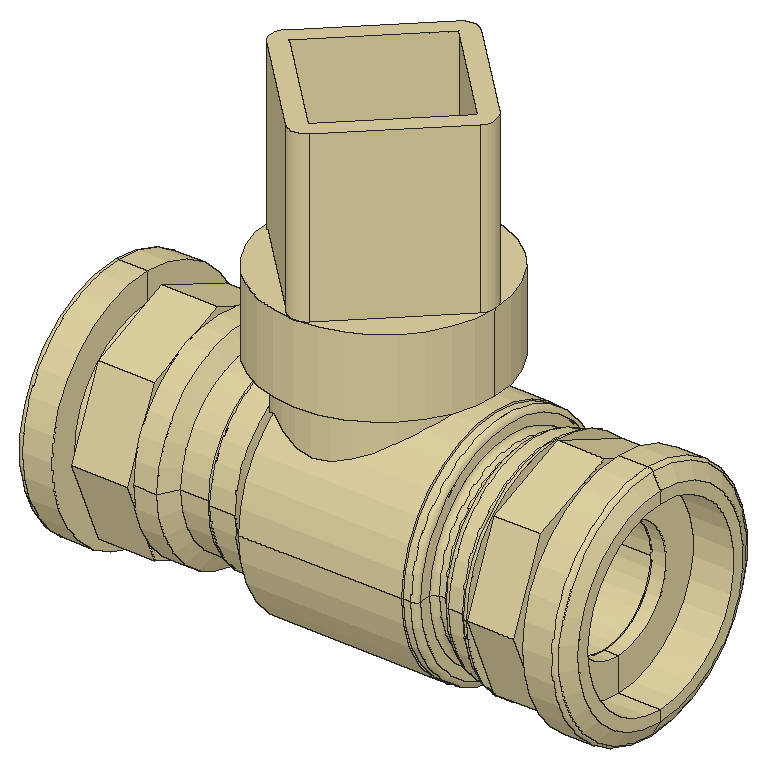
Revit family "QS05530000", category Apparecchi idraulici, Revit 2020
Family settings
  Quota connettore circolare = Usa diametro
  Tipo di parte = Normale
  Numero OmniClass = 23.45.00.00
  Titolo OmniClass = Sanitary, Laundry, and Cleaning Equipment
  Basato su piano di lavoro = No
  Sempre verticale = Sì
  Taglio con vuoti quando caricato = No
  Condiviso = No
  Punto di calcolo locali = No
Parameters
  URL = "https://web.cimberio.com/index.php/figura/1521?subcategoria_id=54200"
  Temperatura di esercizio = "-10 ÷ 90°C"
  Prospetto di default = 0 mm
  Produttore = "CIMBERIO SPA"
  Pressione nominale = "PN 16"
  Modello = "Cim 2155CRDX"
  Materiale = "Prodotto in lega di ottone “CR” – “DZR” conforme alla norma EN 12165-CW602N-M"
  Descrizione = "Realizzato in ottemperanza ai requisiti gestionali della norma EN ISO 9001.\r\nUtilizzato per la regolazione della temperatura degli ambienti e comandare apparecchi degli impianti di riscaldamento e condizionamento."
  DN Model [instance] = QS05535100 : QS05535100
  DN [instance] = 33 mm
  Commenti sul tipo = "Utilizzato nei più svariati settori dell'impiantistica: reti di distribuzione acqua potabile, impianti di riscaldamento, condizionamento, igienico-sanitari e in generale con ogni fluido non corrosivo"
Reference planes
  plane 1 "Centro (Fronte/Retro)": y = 0
  plane 2: z = 0
  plane 3 "Centro (Sinistra/Destra)": x = 0
Dimensions and locks
  aligned and locked: level to plane 2
Nested families
  nested 1: "QS05535100" at (0, 0, 0), type <- "DN Model", type "QS05535100"
  nested 2: "QS05535100" at (0, 0, 0), type <- "DN Model", type "QS05535100"
  nested 3: "QS05535100" at (0, 0, 0), type <- "DN Model", type "QS05535100"
Connectors
  piping at (49.597, 0, 0), diameter 33, driven by "DN"
    settings: on nested 1, index 1, connector inside diameter 609.6 mm, connector length 0 mm, flow factor 0, pipe flow 0.0 L/s, pressure drop 0.0 Pa, fitting loss kfactor 0, connector angle 0.00°, fixture units 0, engagement length 0 mm, angle of deflection 0.00°, flow configuration 0, flow direction 0, fitting loss method 0, system type 7, joint type 0, gender type 0, connector reference index -1, connector utility 0, adjustable connector no, is connector primary yes, connector description ""
  piping at (-49.597, 0, 0), diameter 33, driven by "DN"
    settings: on nested 1, index 2, connector inside diameter 609.6 mm, connector length 0 mm, flow factor 0, pipe flow 0.0 L/s, pressure drop 0.0 Pa, fitting loss kfactor 0, connector angle 0.00°, fixture units 0, engagement length 0 mm, angle of deflection 0.00°, flow configuration 0, flow direction 0, fitting loss method 0, system type 7, joint type 0, gender type 0, connector reference index -1, connector utility 0, adjustable connector no, is connector primary no, connector description ""
Definition of nested family "QS05535100"
  Parameters (values of type "QS05535100")
    URL = ""
    Default Elevation = 0 mm
    Manufacturer = "CIMBERIO SPA"
    Pressione nominale = ""
    Model = "QS05535098"
    Description = ""
    Type Comments = ""
  Reference planes
    plane 1 "Centro (Fronte/Retro)": y = 0
    plane 2: z = 0
    plane 3 "Centro (Sinistra/Destra)": x = 0
  Forms (mm)
    Revolve 1, solid
      sketch origin (0, 0, 0) x (1, 0, 0) y (0, 1, 0)
        loop
          line (-25.232, 19) -> (-29.5, 19) -> (-29.5, 10.5) -> (-18, 10.5) -> (-18, 16) -> (-23.5, 16) -> (-25.232, 19)
        axis (-29.5, 0) -> (-18, 0)
      angle from 0 to 360
    Revolve 2, solid
      sketch origin (0, 0, 0) x (1, 0, 0) y (0, 1, 0)
        loop
          line (-18, 10.5) -> (20.1, 10.5) -> (20.1, 21) -> (-9, 21) -> (-13, 17) -> (-17.383, 17)
          arc (-17.383, 17) -> (-17.759, 16.833) -> (-18, 16.5) r 0.79
          line (-18, 16.5) -> (-18, 10.5)
        axis (-18, 0) -> (20.1, 0)
      angle from 0 to 360
    Revolve 3, solid
      sketch origin (0, 0, 0) x (1, 0, 0) y (0, 1, 0)
        loop
          line (20.1, 10.5) -> (31.043, 10.5) -> (31.043, 20.15)
          arc (31.043, 20.15) -> (30.504, 19.982) -> (30.129, 19.56) r 1.051
          arc (30.129, 19.56) -> (29.761, 19.152) -> (29.233, 19) r 0.997
          line (29.233, 19) -> (26.943, 19)
          arc (26.943, 19) -> (26.445, 18.864) -> (26.077, 18.5) r 1.017
          line (26.077, 18.5) -> (25.5, 17.522)
          arc (25.5, 17.522) -> (25.139, 17.141) -> (24.634, 17.001) r 0.981
          line (24.634, 17.001) -> (23.6, 17.001)
          arc (23.6, 17.001) -> (22.893, 17.294) -> (22.6, 18.001) r 1
          line (22.6, 18.001) -> (22.6, 19.8)
          arc (22.6, 19.8) -> (22.307, 20.507) -> (21.6, 20.8) r 1
          line (21.6, 20.8) -> (20.1, 20.8) -> (20.1, 10.5)
        axis (31.043, 0) -> (20.1, 0)
      angle from 0 to 360
    Extrusion 4, solid
      sketch origin (0, 0, 0) x (0, 1, 0) y (0, 0, 1)
        loop
          circle (0, 0) r 10.5
        loop
          line (-20.15, 0) -> (-14.248, -14.248) -> (0, -20.15) -> (14.248, -14.248) -> (20.15, 0) -> (14.248, 14.248) -> (0, 20.15) -> (-14.248, 14.248) -> (-20.15, 0)
      from -39.5 to -29.5
    Extrusion 5, solid
      sketch origin (0, 0, 0) x (0, 1, 0) y (0, 0, -1)
        loop
          circle (0, 0) r 10.5
        loop
          line (-20.15, 0) -> (-14.248, -14.248) -> (0, -20.15) -> (14.248, -14.248) -> (20.15, 0) -> (14.248, 14.248) -> (0, 20.15) -> (-14.248, 14.248) -> (-20.15, 0)
      from -39.5 to -31.043
    Revolve 6, solid
      sketch origin (0, 0, 0) x (1, 0, 0) y (0, 0, 1)
        loop
          line (-42.097, 16.5) -> (-42.097, 21.5) -> (-47.288, 21.5)
          arc (-47.288, 21.5) -> (-47.788, 21.366) -> (-48.154, 21) r 1
          line (-48.154, 21) -> (-49.597, 18.5) -> (-49.597, 16.5) -> (-42.097, 16.5)
        axis (-49.597, 0) -> (-42.097, 0)
      angle from 0 to 360
    Revolve 7, solid
      sketch origin (0, 0, 0) x (1, 0, 0) y (0, 0, 1)
        loop
          line (-42.097, 16.5) -> (-42.097, 10.5) -> (-39.5, 10.5) -> (-39.5, 16.5) -> (-42.097, 16.5)
        axis (-42.097, 0) -> (-39.5, 0)
      angle from 0 to 360
    Revolve 8, solid
      sketch origin (0, 0, 0) x (-1, 0, 0) y (0, 0, -1)
        loop
          line (-42.097, -16.5) -> (-39.5, -16.5) -> (-39.5, -10.5) -> (-42.097, -10.5) -> (-42.097, -16.5)
        axis (-42.097, 0) -> (-39.5, 0)
      angle from 0 to 360
    Revolve 9, solid
      sketch origin (0, 0, 0) x (1, 0, 0) y (0, 0, 1)
        loop
          line (20, 23.3) -> (20, 37.3) -> (0, 37.3) -> (0, 11.462) -> (16, 11.462) -> (16, 23.3) -> (20, 23.3)
        axis (0, 37.3) -> (0, 11.462)
      angle from 0 to 360
    Extrusion 10, solid
      sketch origin (0, 0, 0) x (1, 0, 0) y (0, 1, 0)
        loop
          line (-2.12, 19.045) -> (-19.045, 2.12)
          arc (-19.045, 2.12) -> (-19.923, 0) -> (-19.045, -2.12) r 2.998
          line (-19.045, -2.12) -> (-2.12, -19.045)
          arc (-2.12, -19.045) -> (0, -19.923) -> (2.12, -19.045) r 2.998
          line (2.12, -19.045) -> (19.045, -2.119)
          arc (19.045, -2.119) -> (19.923, 0) -> (19.045, 2.12) r 2.997
          line (19.045, 2.12) -> (2.119, 19.045)
          arc (2.119, 19.045) -> (0, 19.922) -> (-2.12, 19.045) r 2.998
        loop
          line (0, 16.971) -> (-16.971, 0) -> (0, -16.971) -> (16.971, 0) -> (0, 16.971)
      from 37.216 to 67.3
    Revolve 11, solid
      sketch origin (0, 0, 0) x (-1, 0, 0) y (0, 0, -1)
        loop
          line (-42.097, -16.5) -> (-49.597, -16.5) -> (-49.597, -18.5) -> (-48.154, -21)
          arc (-48.154, -21) -> (-47.788, -21.366) -> (-47.288, -21.5) r 1
          line (-47.288, -21.5) -> (-42.097, -21.5) -> (-42.097, -16.5)
        axis (-49.597, 0) -> (-42.097, 0)
      angle from 0 to 360
  Dimensions and locks
    aligned and locked: level to plane 2
